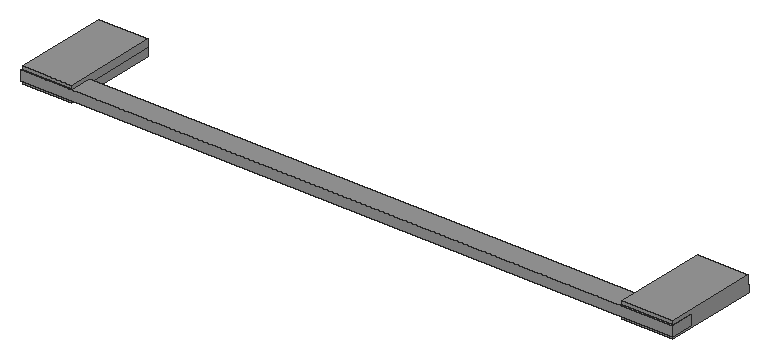
Revit family "TBA 45 ASIS", category Plumbing Fixtures, Revit 2019
Family settings
  Round Connector Dimension = Use Diameter
  Part Type = Normal
  OmniClass Number = 23.45.00.00
  OmniClass Title = Sanitary, Laundry, and Cleaning Equipment
  Work Plane-Based = No
  Always vertical = Yes
  Cut with Voids When Loaded = No
  Shared = No
  Room Calculation Point = No
Reference planes
  plane 1 "Center (Front/Back)": y = 0
  plane 2: z = 0
  plane 3 "Center (Left/Right)": x = 0
Forms (mm)
  Extrusion 1, solid
    sketch origin (-150, 0, 0) x (1, 0, 0) y (0, 0, 1)
      loop
        line (0, 3.5) -> (0, -3.5) -> (450, -3.5) -> (450, 3.5) -> (0, 3.5)
    from 0 to 15
  Extrusion 2, solid
    sketch origin (-150, 0, 0) x (1, 0, 0) y (0, 0, 1)
      loop
        line (35, 0) -> (35, 5.5) -> (1, 5.5) -> (1, 3.5) -> (1, -5.5) -> (35, -5.5) -> (35, 0)
      loop
        line (449, 5.5) -> (414, 5.5) -> (414, -5.5) -> (449, -5.5) -> (449, 5.5)
    from 14 to -51
Lines and regions (mm)
  reference lines
    curve 1: line (300, 0, 0) -> (299, 0, 0)
Dimensions and locks
  aligned and locked: level to plane 2
